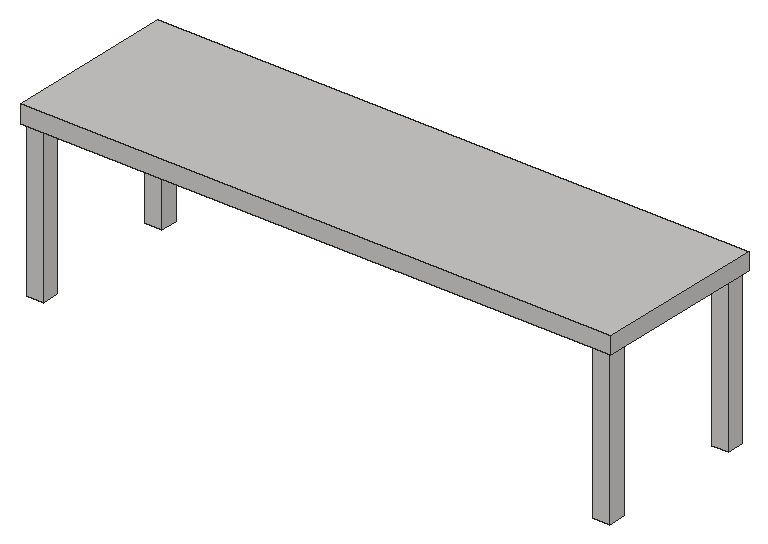
Revit family "QF_ZANUSSI_132966_OSN1L14", category Attrezzature speciali, Revit 2021
Family settings
  Quota connettore circolare = Usa diametro
  Tipo di parte = Normale
  Basato su piano di lavoro = No
  Sempre verticale = Sì
  Taglio con vuoti quando caricato = No
  Condiviso = No
  Punto di calcolo locali = No
Parameters (values of type "Standard")
  Weight = 19.00 kg
  Watts = 0 W
  Volts = 0 V
  URL Manufacturer = "http://www.zanussiprofessional.com"
  URL = "http://www.zanussiprofessional.com"
  Steam Supply Size = 0 mm
  Steam Supply Minimum Pressure = 0.0 Pa
  Steam Supply Maximum Pressure = 0.0 Pa
  Steam Consumption per Hour = 0
  Refrigeration Suction Line Size = 0.0 mm
  Refrigeration Liquid Line Size = 0.0 mm
  Refrigerant Compressor Remote = yes
  Prospetto di default = 0.0 mm
  Phase = 0
  Modello = "OSN1L14"
  Produttore = "Zanussi"
  Length Actual = 1375.0 mm  # constant formula
  Item Number = "132966"
  Hot Water Size = 0 mm
  Height Actual = 400.0 mm  # constant formula
  HP = "0 HP"
  Gas Size = 0 mm
  Gas KW = 0
  Gas Input Pressure = 0 W
  Direct Waste Size = 0 mm
  Descrizione = "OVERSHELF, NEUTRAL, ONE TIER, 1400 MM"
  Depth Actual = 400.0 mm  # constant formula
  Cycle = 0 Hz
  Condensate Return Size = 0 mm
  Compressed Air Volume = 0.0 L/s
  Compressed Air Size = 0 mm
  Compressed Air Pressure = 0.0 Pa
  Cold Water Size = 0 mm
  Accessory = yes
Reference planes
  plane 1 "Center (Front/Back)": y = 0
  plane 2: z = 0
  plane 3 "Center (Left/Right)": x = -187.5
  plane 4 "LEFT": x = -875
  plane 5 "RIGHT": x = 500
  plane 6 "BACK": y = 350
  plane 7 "FRONT": y = -50
  plane 8 "Base": z = 1260
  plane 9 "TOP": z = 1300
  plane 10: x = -847.2
  plane 11: x = 472.2
  plane 12: y = 322.2
  plane 13: y = -22.2
  plane 14: z = 900
Forms (mm)
  Extrusion 1, solid, material "QF_Finishes_Stainless Steel"
    sketch origin (-187.5, 0, 900) x (0, 1, 0) y (0, 0, 1)
      loop
        line (-50, 360) -> (350, 360) -> (350, 400) -> (-50, 400) -> (-50, 360)
    from 687.5 to -687.5
Lines and regions (mm)
  symbolic lines
    curve 1: line (500, 350, 1300) -> (-875, 350, 1300)
    curve 2: line (-875, 350, 1300) -> (-875, -50, 1300)
    curve 3: line (-875, -50, 1300) -> (500, -50, 1300)
    curve 4: line (500, -50, 1300) -> (500, 350, 1300)
    curve 5: line (-875, -50, 1300) -> (500, 350, 1300)
  symbolic lines, style "SpecialityEquipmentHiddenLines"
    curve 6: line (-867.2, -2.2, 1300) -> (-827.2, -2.2, 1300)
    curve 7: line (-827.2, -2.2, 1300) -> (-827.2, -42.2, 1300)
    curve 8: line (-827.2, -42.2, 1300) -> (-867.2, -42.2, 1300)
    curve 9: line (-867.2, -42.2, 1300) -> (-867.2, -2.2, 1300)
    curve 10: line (-867.2, 342.2, 1300) -> (-827.2, 342.2, 1300)
    curve 11: line (-827.2, 342.2, 1300) -> (-827.2, 302.2, 1300)
    curve 12: line (-827.2, 302.2, 1300) -> (-867.2, 302.2, 1300)
    curve 13: line (-867.2, 302.2, 1300) -> (-867.2, 342.2, 1300)
    curve 14: line (452.2, 342.2, 1300) -> (492.2, 342.2, 1300)
    curve 15: line (492.2, 342.2, 1300) -> (492.2, 302.2, 1300)
    curve 16: line (492.2, 302.2, 1300) -> (452.2, 302.2, 1300)
    curve 17: line (452.2, 302.2, 1300) -> (452.2, 342.2, 1300)
    curve 18: line (452.2, -2.2, 1300) -> (492.2, -2.2, 1300)
    curve 19: line (492.2, -2.2, 1300) -> (492.2, -42.2, 1300)
    curve 20: line (492.2, -42.2, 1300) -> (452.2, -42.2, 1300)
    curve 21: line (452.2, -42.2, 1300) -> (452.2, -2.2, 1300)
Dimensions and locks
  plane 4 "LEFT" to plane 5 "RIGHT" = 1375.0 mm
  equal spacing: plane 4 "LEFT", plane 3 "Center (Left/Right)", plane 5 "RIGHT"
  plane 4 "LEFT" to plane 10 = 27.8 mm
  plane 11 to plane 5 "RIGHT" = 27.8 mm
  plane 10 to plane 11 = 1319.4 mm
  plane 6 "BACK" to plane 12 = 27.8 mm
  plane 13 to plane 7 "FRONT" = 27.8 mm
  plane 6 "BACK" to plane 7 "FRONT" = 400.0 mm
  plane 12 to plane 13 = 344.4 mm
  plane 6 "BACK" to plane 1 "Center (Front/Back)" to plane 7 "FRONT" = 350.0 mm, 50.0 mm
  plane 14 to level = 900.0 mm
  locked: plane 8 "Base" to plane 14 at 360
  locked: plane 9 "TOP" to plane 14 at 400
  aligned and locked: level to plane 2
  aligned and locked: plane 10 to nested 1
  aligned and locked: nested 1 to plane 13
  aligned and locked: plane 11 to nested 2
  aligned and locked: nested 2 to plane 13
  aligned and locked: plane 11 to nested 4
  aligned and locked: nested 4 to plane 12
  aligned and locked: plane 10 to nested 3
  aligned and locked: nested 3 to plane 12
  aligned and locked: Extrusion 1 to plane 4 "LEFT"
  aligned and locked: plane 5 "RIGHT" to Extrusion 1
  aligned and locked: curve 2 to plane 4 "LEFT"
Automatic sketch dimensions
  Extrusion 1 sketch curve to plane 7 "FRONT" = 0.0 mm
  Extrusion 1 sketch curve to plane 8 "Base" = 0.0 mm
  Extrusion 1 sketch curve to plane 9 "TOP" = 0.0 mm
  Extrusion 1 sketch curve to plane 6 "BACK" = 0.0 mm
  curve 4 to plane 5 "RIGHT" = 0.0 mm
  curve 4 to plane 7 "FRONT" = 0.0 mm
  curve 4 to plane 6 "BACK" = 0.0 mm
  plane 7 "FRONT" to curve 20 = 7.8 mm
  plane 7 "FRONT" to curve 9 = 7.8 mm
  plane 1 "Center (Front/Back)" to curve 6 = 2.2 mm
  plane 1 "Center (Front/Back)" to curve 21 = 2.2 mm
  curve 11 to plane 12 = 20.0 mm
  curve 17 to plane 12 = 20.0 mm
  curve 15 to plane 6 "BACK" = 7.8 mm
  curve 13 to plane 6 "BACK" = 7.8 mm
  curve 19 to plane 5 "RIGHT" = 7.8 mm
  curve 15 to plane 5 "RIGHT" = 7.8 mm
  curve 16 to plane 11 = 20.0 mm
  curve 18 to plane 11 = 20.0 mm
  plane 10 to curve 11 = 20.0 mm
  plane 10 to curve 6 = 20.0 mm
  plane 4 "LEFT" to curve 9 = 7.8 mm
  plane 4 "LEFT" to curve 10 = 7.8 mm
Nested families
  nested 1: "FEET_40x40_H360" at (-847.2, -22.2, 900), type "FEET_40x40_H360"
  nested 2: "FEET_40x40_H360" at (472.2, -22.2, 900), type "FEET_40x40_H360"
  nested 3: "FEET_40x40_H360" at (-847.2, 322.2, 900), type "FEET_40x40_H360"
  nested 4: "FEET_40x40_H360" at (472.2, 322.2, 900), type "FEET_40x40_H360"
Definition of nested family "FEET_40x40_H360"
  Parameters
    Default Elevation = 0.0 mm
    FEET = 360.0 mm
  Reference planes
    plane 1 "Center (Front/Back)": y = 0
    plane 2: z = 0
    plane 3 "Center (Left/Right)": x = 0
    plane 4: z = 360
  Forms (mm)
    Extrusion 1, solid
      sketch origin (0, 0, 0) x (1, 0, 0) y (0, 1, 0)
        loop
          line (-20, -20) -> (20, -20) -> (20, 20) -> (-20, 20) -> (-20, -20)
      from 0 to 360
  Lines and regions (mm)
    symbolic lines
      curve 1: line (0, -1.503, 0) -> (0, 1.508, 0)
      curve 2: line (1.561, 0, 0) -> (-1.439, 0, 0)
  Dimensions and locks
    "FEET": plane 4 to plane 2
    aligned and locked: level to plane 2
  Automatic sketch dimensions
    plane 1 "Center (Front/Back)" to curve 2 = 0.0 mm
    curve 1 to plane 3 "Center (Left/Right)" = 0.0 mm
    curve 2 to plane 3 "Center (Left/Right)" = 1.439 mm
    plane 3 "Center (Left/Right)" to curve 2 = 1.561 mm
    plane 1 "Center (Front/Back)" to curve 1 = 1.503 mm
    curve 1 to plane 1 "Center (Front/Back)" = 1.508 mm
    Extrusion 1 sketch curve to plane 3 "Center (Left/Right)" = 20.0 mm
    plane 3 "Center (Left/Right)" to Extrusion 1 sketch curve = 20.0 mm
    plane 1 "Center (Front/Back)" to Extrusion 1 sketch curve = 20.0 mm
    Extrusion 1 sketch curve to plane 1 "Center (Front/Back)" = 20.0 mm
